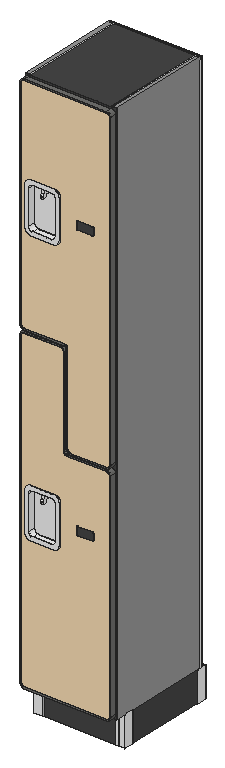
Revit family "Wood_Lockers-Salsbury_Industries-37000_Series-1_Wide_Units", category Specialty Equipment, Revit 2026 (continued)
Definition of nested family "Wood Locker S-Style Top Doors"
  Dimensions and locks (in)
    aligned and locked: curve 16 to cut or joined group of Sweep 4, Extrusion 11
    aligned and locked: curve 17 to cut or joined group of Sweep 4, Extrusion 11
    aligned and locked: curve 19 to Extrusion 12
    aligned and locked: plane 20 "Top of Hasp" to curve 21
    aligned and locked: curve 22 to cut or joined group of Extrusion 8, Extrusion 9, Extrusion 11
    aligned and locked: curve 23 to cut or joined group of Extrusion 8, Extrusion 9, Extrusion 11
    aligned and locked: curve 24 to Extrusion 13  (x2)
    aligned and locked: curve 26 to Extrusion 13
    aligned and locked: curve 17 to curve 27
    aligned and locked: curve 27 to Extrusion 14
    aligned and locked: curve 28 to Extrusion 14
    aligned and locked: curve 29 to Extrusion 14
    aligned and locked: cut or joined group of Sweep 4, Extrusion 11 to curve 30
    aligned and locked: curve 30 to cut or joined group of Sweep 4, Extrusion 11
    aligned and locked: curve 31 to cut or joined group of Sweep 4, Extrusion 11
    aligned and locked: cut or joined group of Sweep 4, Extrusion 11 to curve 32
    aligned and locked: curve 32 to cut or joined group of Sweep 4, Extrusion 11
    aligned and locked: curve 33 to cut or joined group of Sweep 4, Extrusion 11
    aligned and locked: curve 34 to cut or joined group of Sweep 4, Extrusion 11
    aligned and locked: cut or joined group of Sweep 4, Extrusion 11 to curve 35
    aligned and locked: curve 35 to cut or joined group of Sweep 4, Extrusion 11
    aligned and locked: curve 37 to cut or joined group of Sweep 4, Extrusion 11
    aligned and locked: curve 38 to cut or joined group of Sweep 4, Extrusion 11
    aligned and locked: curve 41 to cut or joined group of Sweep 4, Extrusion 11
    aligned and locked: cut or joined group of Extrusion 1, Extrusion 5, Extrusion 7, Extrusion 11 to curve 42
    aligned and locked: curve 42 to cut or joined group of Extrusion 1, Extrusion 5, Extrusion 7, Extrusion 11
    aligned and locked: curve 43 to cut or joined group of Extrusion 1, Extrusion 5, Extrusion 7, Extrusion 11
    aligned and locked: curve 45 to cut or joined group of Extrusion 1, Extrusion 5, Extrusion 7, Extrusion 11
    aligned and locked: curve 46 to cut or joined group of Extrusion 1, Extrusion 5, Extrusion 7, Extrusion 11
    aligned and locked: curve 48 to cut or joined group of Extrusion 1, Extrusion 5, Extrusion 7, Extrusion 11
    aligned and locked: curve 49 to cut or joined group of Extrusion 1, Extrusion 5, Extrusion 7, Extrusion 11
    aligned and locked: cut or joined group of Extrusion 8, Extrusion 9, Extrusion 11 to curve 50
    aligned and locked: cut or joined group of Extrusion 8, Extrusion 9, Extrusion 11 to curve 51
    aligned and locked: curve 51 to cut or joined group of Extrusion 8, Extrusion 9, Extrusion 11
    aligned and locked: cut or joined group of Extrusion 8, Extrusion 9, Extrusion 11 to curve 52
    aligned and locked: curve 52 to cut or joined group of Extrusion 8, Extrusion 9, Extrusion 11
    aligned and locked: cut or joined group of Extrusion 8, Extrusion 9, Extrusion 11 to curve 53
    aligned and locked: curve 54 to cut or joined group of Extrusion 8, Extrusion 9, Extrusion 11
    aligned and locked: curve 57 to cut or joined group of Extrusion 8, Extrusion 9, Extrusion 11
    aligned and locked: curve 59 to cut or joined group of Extrusion 8, Extrusion 9, Extrusion 11
    aligned and locked: cut or joined group of Extrusion 8, Extrusion 9, Extrusion 11 to curve 59
    aligned and locked: curve 60 to cut or joined group of Extrusion 8, Extrusion 9, Extrusion 11
    aligned and locked: curve 61 to cut or joined group of Extrusion 8, Extrusion 9, Extrusion 11
    aligned and locked: curve 62 to cut or joined group of Extrusion 8, Extrusion 9, Extrusion 11
    aligned and locked: curve 63 to cut or joined group of Extrusion 8, Extrusion 9, Extrusion 11
    aligned and locked: curve 64 to cut or joined group of Extrusion 8, Extrusion 9, Extrusion 11
    aligned and locked: curve 65 to curve 66
    aligned and locked: curve 66 to cut or joined group of Extrusion 10, Extrusion 11
    aligned and locked: curve 67 to cut or joined group of Extrusion 10, Extrusion 11
    aligned and locked: curve 68 to cut or joined group of Extrusion 10, Extrusion 11
  Automatic sketch dimensions
    Extrusion 5 sketch curve to plane 13 "Left Side of Number Tag" = 0.000"
    Extrusion 5 sketch curve to plane 12 "Bottom of Number Tag" = 0.000"
    Extrusion 5 sketch curve to plane 11 "Top of Number Tag" = 0.000"
    Extrusion 5 sketch curve to plane 14 "Right Side of Number Tag" = 0.000"
    Extrusion 5 sketch curve to Extrusion 5 sketch curve = 0.14916"  (x3)
    plane 11 "Top of Number Tag" to Extrusion 5 sketch curve = 0.14916"
    plane 13 "Left Side of Number Tag" to Extrusion 6 sketch curve = 0.000"
    plane 11 "Top of Number Tag" to Extrusion 6 sketch curve = 0.000"
    plane 13 "Left Side of Number Tag" to Extrusion 6 sketch curve = 0.14916"  (x2)
    Extrusion 6 sketch curve to plane 14 "Right Side of Number Tag" = 0.14916"
    Extrusion 6 sketch curve to plane 14 "Right Side of Number Tag" = 0.000"
    Extrusion 6 sketch curve to plane 12 "Bottom of Number Tag" = 0.14916"
    Extrusion 6 sketch curve to plane 12 "Bottom of Number Tag" = 0.000"
    plane 31 "Hasp Inset-Left" to Extrusion 7 sketch curve = 0.063"
    plane 34 "Hasp Inset-Bottom" to Extrusion 7 sketch curve = 0.063"
    Extrusion 7 sketch curve to plane 33 "Hasp Inset-Top" = 0.063"
    Extrusion 7 sketch curve to plane 32 "Hasp Inset-Right" = 0.0625"
    Extrusion 7 sketch curve to plane 31 "Hasp Inset-Left" = 0.437"
    plane 37 "Hasp Letters - Left Side" to Extrusion 7 sketch curve = 0.407"
    Extrusion 7 sketch curve to plane 38 "Hasp Letters - Right Side" = 0.4065"
    Extrusion 7 sketch curve to Extrusion 7 sketch curve = 0.500"
    Extrusion 8 sketch curve to plane 18 "Right Side of Hasp" = 0.000"
    Extrusion 8 sketch curve to plane 20 "Top of Hasp" = 0.000"
    Extrusion 8 sketch curve to plane 21 "Bottom of Hasp" = 0.000"
    Extrusion 8 sketch curve to plane 17 "Left Side of Hasp" = 0.000"
    plane 32 "Hasp Inset-Right" to Extrusion 8 sketch curve = 0.250"
    Extrusion 8 sketch curve to plane 44 "Hasp Handle - Center of Lock Hole" = 0.125"
    Extrusion 8 sketch curve to plane 31 "Hasp Inset-Left" = 0.250"  (x2)
    plane 31 "Hasp Inset-Left" to Extrusion 9 sketch curve = 0.000"
    Extrusion 9 sketch curve to plane 33 "Hasp Inset-Top" = 0.000"
    Extrusion 9 sketch curve to plane 34 "Hasp Inset-Bottom" = 0.000"
    plane 32 "Hasp Inset-Right" to Extrusion 9 sketch curve = 0.000"
    plane 37 "Hasp Letters - Left Side" to Extrusion 9 sketch curve = 0.344"  (x2)
    Extrusion 9 sketch curve to plane 38 "Hasp Letters - Right Side" = 0.344"
    plane 44 "Hasp Handle - Center of Lock Hole" to Extrusion 9 sketch curve = 0.125"
    Extrusion 10 sketch curve to plane 28 "Melamine-Particleboard Line" = 0.000"
    plane 33 "Hasp Inset-Top" to Extrusion 10 sketch curve = 0.000"
    Extrusion 10 sketch curve to plane 27 "Laminate-Particleboard Line" = 0.000"
    plane 43 "Hasp Handle - Lock Area Bottom" to Extrusion 10 sketch curve = 0.000"
    Extrusion 10 sketch curve to plane 22 "Front of Hasp" = 0.000"
    Extrusion 10 sketch curve to plane 45 = 0.000"
    plane 41 "Hasp Handle - Bottom" to Extrusion 10 sketch curve = 0.000"
    Extrusion 10 sketch curve to plane 42 "Hasp Handle - Lip" = 0.07049"
    Extrusion 10 sketch curve to plane 42 "Hasp Handle - Lip" = 0.06247"
    plane 43 "Hasp Handle - Lock Area Bottom" to Extrusion 10 sketch curve = 0.02394"
    plane 1 "Center (Front/Back)" to Extrusion 10 sketch curve = 0.063"
    Extrusion 10 sketch curve to plane 41 "Hasp Handle - Bottom" = 0.09888"  (x2)
    Extrusion 10 sketch curve to plane 29 "Back of Number Plate Inset" = 0.03992"
    Extrusion 10 sketch curve to Extrusion 10 sketch curve = 0.100"
    plane 7 "Front of Door" to Extrusion 10 sketch curve = 0.04375"
    Extrusion 11 sketch curve to plane 1 "Center (Front/Back)" = 0.000"
    plane 44 "Hasp Handle - Center of Lock Hole" to Extrusion 11 sketch curve = 0.000"
    Extrusion 12 sketch curve to plane 51 = 0.000"
    Extrusion 12 sketch curve to plane 52 = 0.000"
    plane 53 "Top Hinge" to Extrusion 13 sketch curve = 0.250"
    plane 54 to Extrusion 13 sketch curve = 0.000"
    Extrusion 13 sketch curve to plane 53 "Top Hinge" = 0.250"
    plane 54 to Extrusion 13 sketch curve = 0.500"
    plane 55 "Bottom Hinge" to Extrusion 14 sketch curve = 0.250"
    plane 54 to Extrusion 14 sketch curve = 0.000"
    plane 54 to Extrusion 14 sketch curve = 0.500"
    Extrusion 14 sketch curve to plane 55 "Bottom Hinge" = 0.250"
    plane 10 "Center of Door" to Extrusion 15 sketch curve = 0.250"
    plane 54 to Extrusion 15 sketch curve = 0.000"
    plane 54 to Extrusion 15 sketch curve = 0.500"
    Extrusion 15 sketch curve to plane 10 "Center of Door" = 0.250"
    plane 23 "Left Side of Door-Right Side of Trim" to Extrusion 3 sketch curve = 0.000"
    Extrusion 3 sketch curve to plane 25 "Top of Door-Bottom of Trim" = 0.000"
    plane 51 to Extrusion 3 sketch curve = 0.000"  (x2)
    Extrusion 3 sketch curve to plane 59 = 0.000"
    plane 60 to Extrusion 3 sketch curve = 0.000"
    Extrusion 3 sketch curve to plane 26 "Bottom of Door-Top of Trim" = 0.000"
    Extrusion 3 sketch curve to plane 52 = 0.000"
    plane 24 "Right Side of Door-Left Side of Trim" to Extrusion 3 sketch curve = 0.000"
    Extrusion 3 sketch curve to plane 3 "Center (Left/Right)" = 0.1495"
    Extrusion 3 sketch curve to plane 60 = 0.400"
    Extrusion 3 sketch curve to plane 54 = 0.100"
    plane 23 "Left Side of Door-Right Side of Trim" to Extrusion 1 sketch curve = 0.000"
    plane 51 to Extrusion 1 sketch curve = 0.000"  (x2)
    Extrusion 1 sketch curve to plane 25 "Top of Door-Bottom of Trim" = 0.000"
    Extrusion 1 sketch curve to plane 59 = 0.000"
    plane 60 to Extrusion 1 sketch curve = 0.000"
    Extrusion 1 sketch curve to plane 26 "Bottom of Door-Top of Trim" = 0.000"
    Extrusion 1 sketch curve to plane 52 = 0.000"
    plane 24 "Right Side of Door-Left Side of Trim" to Extrusion 1 sketch curve = 0.000"
    Extrusion 1 sketch curve to plane 3 "Center (Left/Right)" = 0.1495"
    Extrusion 1 sketch curve to plane 60 = 0.400"
    Extrusion 1 sketch curve to plane 54 = 0.100"
    plane 23 "Left Side of Door-Right Side of Trim" to Extrusion 2 sketch curve = 0.000"
    plane 51 to Extrusion 2 sketch curve = 0.000"  (x2)
    Extrusion 2 sketch curve to plane 25 "Top of Door-Bottom of Trim" = 0.000"
    Extrusion 2 sketch curve to plane 59 = 0.000"
    plane 60 to Extrusion 2 sketch curve = 0.000"
    Extrusion 2 sketch curve to plane 26 "Bottom of Door-Top of Trim" = 0.000"
    Extrusion 2 sketch curve to plane 52 = 0.000"
    Extrusion 2 sketch curve to plane 3 "Center (Left/Right)" = 0.1495"
    Extrusion 2 sketch curve to plane 60 = 0.400"
    Extrusion 2 sketch curve to plane 54 = 0.100"
    Sweep 4 sketch curve to profile plane = 0.000"
    Sweep 4 sketch curve to Sweep 4 sketch curve = 0.125"
    Sweep 4 sketch curve to plane 1 "Center (Front/Back)" = 0.375"
    plane 1 "Center (Front/Back)" to Sweep 4 sketch curve = 0.375"
    plane 23 "Left Side of Door-Right Side of Trim" to Sweep 4 sketch curve = 0.000"
    plane 51 to Sweep 4 sketch curve = 0.000"  (x2)
    Sweep 4 sketch curve to plane 59 = 0.000"
    plane 60 to Sweep 4 sketch curve = 0.000"
    Sweep 4 sketch curve to plane 26 "Bottom of Door-Top of Trim" = 0.000"
    Sweep 4 sketch curve to plane 25 "Top of Door-Bottom of Trim" = 0.000"
    Sweep 4 sketch curve to plane 52 = 0.000"
    plane 24 "Right Side of Door-Left Side of Trim" to Sweep 4 sketch curve = 0.000"
    Sweep 4 sketch curve to plane 3 "Center (Left/Right)" = 0.1495"
    Sweep 4 sketch curve to plane 60 = 0.400"
    Sweep 4 sketch curve to plane 54 = 0.100"
    curve 5 to plane 23 "Left Side of Door-Right Side of Trim" = 0.150"
    plane 17 "Left Side of Hasp" to curve 6 = 0.02588"
    plane 25 "Top of Door-Bottom of Trim" to curve 19 = 0.150"
    curve 19 to plane 52 = 0.24933"
    plane 51 to curve 40 = 0.000"
    plane 51 to curve 30 = 0.000"
    curve 31 to plane 52 = 0.000"
    curve 50 to plane 44 "Hasp Handle - Center of Lock Hole" = 0.125"
    curve 54 to plane 31 "Hasp Inset-Left" = 0.250"
    plane 44 "Hasp Handle - Center of Lock Hole" to curve 58 = 0.125"
    plane 37 "Hasp Letters - Left Side" to curve 63 = 0.344"
    curve 60 to plane 38 "Hasp Letters - Right Side" = 0.344"
    plane 44 "Hasp Handle - Center of Lock Hole" to curve 59 = 0.125"
    plane 32 "Hasp Inset-Right" to curve 52 = 0.250"
    curve 51 to plane 44 "Hasp Handle - Center of Lock Hole" = 0.125"
    curve 33 to plane 3 "Center (Left/Right)" = 0.1495"
    curve 36 to plane 60 = 0.400"
    curve 47 to curve 43 = 0.14916"
    plane 13 "Left Side of Number Tag" to curve 46 = 0.14916"
    curve 46 to plane 14 "Right Side of Number Tag" = 0.14916"
    curve 44 to curve 44 = 0.14916"
    curve 36 to plane 54 = 0.100"
    radius of Extrusion 11 sketch curve = 0.175"
    radius of Extrusion 12 sketch curve = 0.250"
Definition of nested family "Wood Locker Sloping Hoods"
  Parameters (values of type "33357 - for 15" Deep Lockers (1 Wide)")
    Width = 12.000"
    Visible = yes
    Version = "1.0 (2/29/16)"
    Type Comments = "Sloping Hood for Designer Wood Lockers"
    Model = "33357"
    Manufacturer = "Salsbury Industries"
    Laminate Surface = none
    Height = 5.743"
    Description = "For 15\" D - 1 Wide Lockers"
    Depth = 14.625"
    Default Elevation = 0.000"
  Types (14): name | Width | Visible | Version | Type Comments | Model | Manufacturer | Height | Description | Depth
    (no name) | 12.000" | yes | "1.0 (2/29/16)" | "Sloping Hood for Designer Wood Lockers" | "33357" | "Salsbury Industries" | 5.743" | "For 15\" D - 1 Wide Lockers" | 14.625"
    33357 - for 15" Deep Lockers (1 Wide) | 12.000" | yes | "1.0 (2/29/16)" | "Sloping Hood for Designer Wood Lockers" | "33357" | "Salsbury Industries" | 5.743" | "For 15\" D - 1 Wide Lockers" | 14.625"
    33353 - for 18" Deep Lockers (1 Wide) | 12.000" | yes | "1.0 (2/29/16)" | "Sloping Hood for Designer Wood Lockers" | "33353" | "Salsbury Industries" | 6.868" | "For 18\" D - 1 Wide Lockers" | 17.625"
    33352 - for 21" Deep Lockers (1 Wide) | 12.000" | yes | "1.0 (2/29/16)" | "Sloping Hood for Designer Wood Lockers" | "33352" | "Salsbury Industries" | 7.993" | "For 21\" D - 1 Wide Lockers" | 20.625"
    33359 - for 15" Deep Lockers (3 Wide) | 36.000" | yes | "1.0 (2/29/16)" | "Sloping Hood for Designer Wood Lockers" | "33359" | "Salsbury Industries" | 5.743" | "For 15\" D - 3 Wide Lockers" | 14.625"
    33356 - for 18" Deep Lockers (3 Wide) | 36.000" | yes | "1.0 (2/29/16)" | "Sloping Hood for Designer Wood Lockers" | "33356" | "Salsbury Industries" | 6.868" | "For 18\" D - 3 Wide Lockers" | 17.625"
    33354 - for 21" Deep Lockers (3 Wide) | 36.000" | yes | "1.0 (2/29/16)" | "Sloping Hood for Designer Wood Lockers" | "33354" | "Salsbury Industries" | 7.993" | "For 21\" D - 3 Wide Lockers" | 20.625"
    22255 - for 24" Deep Lockers (1 Wide) | 15.000" | yes | "" | "" | "" | "" | 9.118" | "" | 23.625"
    222257 - for 24" Deep Lockers (3 Wide) | 45.000" | yes | "" | "" | "" | "" | 9.118" | "" | 23.625"
    22252 - for 21" Deep Lockers (1 Wide) | 15.000" | yes | "1.0 (2/29/16)" | "Sloping Hood for Extra Wide Designer Wood Lockers" | "22252" | "Salsbury Industries" | 7.993" | "For 21\" D - 1 Wide Lockers" | 20.625"
    22254 - for 21" Deep Lockers (3 Wide) | 45.000" | yes | "1.0 (2/29/16)" | "Sloping Hood for Extra Wide Designer Wood Lockers" | "22254" | "Salsbury Industries" | 7.993" | "For 21\" D - 3 Wide Lockers" | 20.625"
    22251 - for 18" Deep Lockers (1 Wide) | 15.000" | yes | "1.0 (2/29/16)" | "Sloping Hood for Extra Wide Designer Wood Lockers" | "22251" | "Salsbury Industries" | 6.868" | "For 18\" D - 1 Wide Lockers" | 17.625"
    22253 - for 18" Deep Lockers (3 Wide) | 45.000" | yes | "1.0 (2/29/16)" | "Sloping Hood for Extra Wide Designer Wood Lockers" | "22253" | "Salsbury Industries" | 6.868" | "For 18\" D - 3 Wide Lockers" | 17.625"
    None | 12.000" | no | "" | "" | "" | "" | 5.743" | "" | 14.625"
  Reference planes (in)
    plane 1 "Center (Front/Back)": y = 0
    plane 2: z = 0
    plane 3 "Center (Left/Right)": x = 0
    plane 4 "Front of Hood": y = -7.3125
    plane 5 "Back of Hood": y = 7.3125
    plane 6 "Right Side of Hood": x = 6
    plane 7 "Left Side of Hood": x = -6
    plane 8 "Bottom of Hood": z = 0
    plane 9 "Top of Hood": z = 5.743
    plane 10: x = 5.25
    plane 11: x = -5.25
    plane 12: y = -7.2815
    plane 13: y = -6.5625
    plane 14: z = 5.712
    plane 15: z = 4.993
    plane 16: z = 0.062
    plane 17: z = 0.75
  Forms (in)
    Extrusion 1, solid, visible <- "Visible"
      sketch origin (6, 0.3722738, 0) x (0, -1, 0) y (0, 0, 1)
        loop
          line (-0.25, 2.3802743) -> (-0.25, 0) -> (0.3722738, 0) -> (0.3722738, 2.1372585) -> (-0.25, 2.3802743)
      from 0 to 12
    Extrusion 2, solid, visible <- "Visible"
      sketch origin (0, 0, 0) x (0, 1, 0) y (0, 0, 1)
        loop
          line (-5.47273, 0) -> (7.3125, 4.993) -> (7.3125, 5.712) -> (-7.2326912, 0.062) -> (-7.2815, 0.062) -> (-7.2815, 0) -> (-5.47273, 0)
      from -6 to 6
    Extrusion 3, solid, visible <- "Visible"
      sketch origin (0, 0, 0) x (0, 1, 0) y (0, 0, 1)
        loop
          line (-7.3125, 0.062) -> (-7.3125, 0) -> (-7.2815, 0) -> (-7.2815, 0.062) -> (-7.3125, 0.062)
      from -6 to 6
    Extrusion 4, solid, material <- "Laminate Surface", visible <- "Visible"
      sketch origin (0, 0, 0) x (0, 1, 0) y (0, 0, 1)
        loop
          line (7.3125, 5.743) -> (-7.3125, 0.062) -> (-7.2326912, 0.062) -> (7.3125, 5.712) -> (7.3125, 5.743)
      from -6 to 6
  Dimensions and locks (in)
    equal spacing: plane 7 "Left Side of Hood", plane 3 "Center (Left/Right)", plane 6 "Right Side of Hood"
    "Width": plane 7 "Left Side of Hood" to plane 6 "Right Side of Hood"
    equal spacing: plane 4 "Front of Hood", plane 1 "Center (Front/Back)", plane 5 "Back of Hood"
    "Depth": plane 4 "Front of Hood" to plane 5 "Back of Hood"
    "Height": plane 9 "Top of Hood" to plane 8 "Bottom of Hood"
    plane 7 "Left Side of Hood" to plane 11 = 0.750"
    plane 10 to plane 6 "Right Side of Hood" = 0.750"
    plane 4 "Front of Hood" to plane 12 to plane 13 = 0.031" locked, 0.719" locked
    plane 15 to plane 14 to plane 9 "Top of Hood" = 0.719" locked, 0.031" locked
    locked: plane 16 to plane 8 "Bottom of Hood" at 0.062
    locked: plane 17 to plane 8 "Bottom of Hood" at 0.75
    aligned and locked: level to plane 2
    aligned and locked: Extrusion 2 to plane 6 "Right Side of Hood"
    aligned and locked: plane 7 "Left Side of Hood" to Extrusion 2
    aligned and locked: plane 7 "Left Side of Hood" to Extrusion 4
    aligned and locked: Extrusion 4 to plane 6 "Right Side of Hood"
    aligned and locked: Extrusion 3 to plane 6 "Right Side of Hood"
    aligned and locked: plane 7 "Left Side of Hood" to Extrusion 3
    aligned and locked: Extrusion 2 to Extrusion 1 sketch curve
    aligned and locked: plane 7 "Left Side of Hood" to Extrusion 1
    aligned and locked: Extrusion 1 to plane 6 "Right Side of Hood"
  Automatic sketch dimensions
    Extrusion 3 sketch curve to level = 0.000"
    Extrusion 3 sketch curve to plane 4 "Front of Hood" = 0.000"
    Extrusion 3 sketch curve to plane 12 = 0.000"
    plane 16 to Extrusion 3 sketch curve = 0.000"
    Extrusion 4 sketch curve to plane 4 "Front of Hood" = 0.000"
    plane 16 to Extrusion 4 sketch curve = 0.000"
    Extrusion 4 sketch curve to plane 5 "Back of Hood" = 0.000"
    plane 14 to Extrusion 4 sketch curve = 0.000"
    plane 9 "Top of Hood" to Extrusion 4 sketch curve = 0.000"
    Extrusion 4 sketch curve to plane 12 = 0.04881"
    Extrusion 2 sketch curve to level = 0.000"
    Extrusion 2 sketch curve to plane 12 = 0.000"
    plane 16 to Extrusion 2 sketch curve = 0.000"
    Extrusion 2 sketch curve to plane 5 "Back of Hood" = 0.000"
    plane 15 to Extrusion 2 sketch curve = 0.000"
    plane 14 to Extrusion 2 sketch curve = 0.000"
    Extrusion 2 sketch curve to plane 13 = 1.08977"
    Extrusion 2 sketch curve to plane 12 = 0.04881"
    Extrusion 1 sketch curve to level = 0.000"
    Extrusion 1 sketch curve to plane 1 "Center (Front/Back)" = 0.000"
    Extrusion 1 sketch curve to Extrusion 1 sketch curve = 0.24302"
Definition of nested family "Wood Locker Sloping Corner Fillers"
  Parameters (values of type "33377 - for 15" D Lockers")
    Width = 16.875"
    Visible = yes
    Version = "1.0 (2/29/16)"
    Type Comments = "Sloping Hood Corner Filler for Designer Wood Lockers"
    Model = "33377"
    Manufacturer = "Salsbury Industries"
    Laminate Surface = none
    Height = 5.743"
    Description = "For 15\" D Lockers"
    Depth = 16.875"
    Default Elevation = 0.000"
  Types (8): name | Width | Visible | Version | Type Comments | Model | Manufacturer | Height | Description | Depth
    (no name) | 16.875" | yes | "1.0 (2/29/16)" | "Sloping Hood Corner Filler for Designer Wood Lockers" | "33377" | "Salsbury Industries" | 5.743" | "For 15\" D Lockers" | 16.875"
    33377 - for 15" D Lockers | 16.875" | yes | "1.0 (2/29/16)" | "Sloping Hood Corner Filler for Designer Wood Lockers" | "33377" | "Salsbury Industries" | 5.743" | "For 15\" D Lockers" | 16.875"
    33378 - for 18" D Lockers | 19.875" | yes | "1.0 (2/29/16)" | "Sloping Hood Corner Filler for Designer Wood Lockers" | "33378" | "Salsbury Industries" | 6.868" | "For 18\" D Lockers" | 19.875"
    33371 - for 21" D Lockers | 22.875" | yes | "1.0 (2/29/16)" | "Sloping Hood Corner Filler for Designer Wood Lockers" | "33371" | "Salsbury Industries" | 7.993" | "For 21\" D Lockers" | 22.875"
    22279 - for 24" D Lockers | 25.875" | yes | "1.0 (2/29/16)" | "Sloping Hood Corner Filler for Extra Wide Designer Wood Lockers" | "22279" | "Salsbury Industries" | 9.118" | "For 24\" D Lockers" | 25.875"
    None | 16.875" | no | "" | "" | "" | "" | 5.743" | "" | 16.875"
    22278 - for 18" D Lockers | 19.875" | yes | "1.0 (2/29/16)" | "Sloping Hood Corner Filler for Extra Wide Designer Wood Lockers" | "22278" | "Salsbury Industries" | 6.868" | "For 18\" D Lockers" | 19.875"
    22271 - for 21" D Lockers | 22.875" | yes | "1.0 (2/29/16)" | "Sloping Hood Corner Filler for Extra Wide Designer Wood Lockers" | "22271" | "Salsbury Industries" | 7.993" | "For 21\" D Lockers" | 22.875"
  Reference planes (in)
    plane 1 "Center (Front/Back)": y = -0.8125
    plane 2: z = 0
    plane 3 "Center (Left/Right)": x = 0.8125
    plane 4 "Front of Hood": y = -7
    plane 5 "Right Side of Hood": x = 7
    plane 6 "Bottom of Hood": z = 0
    plane 7 "Black Trim Line": y = -6.969
    plane 8: z = 0.062
    plane 9: z = 0.75
    plane 10 "New Back of Hood": y = 7.625
    plane 11 "New Front of Hood": y = -9.25
    plane 12 "New Left Side": x = -7.625
    plane 13 "New Right Side": x = 9.25
    plane 14 "Top": z = 5.743
    plane 15: x = 6.969
  Forms (in)
    Extrusion 1, solid, visible <- "Visible"
      sketch origin (0.8125, 0, 0) x (0, 1, 0) y (0, 0, 1)
        loop
          line (-5.16023, 0) -> (7.625, 4.9943682) -> (7.625, 5.712) -> (-6.9201912, 0.062) -> (-6.969, 0.062) -> (-6.969, 0) -> (-5.16023, 0)
      from -8.4375 to 8.4375
    Extrusion 2, solid, material <- "Laminate Surface", visible <- "Visible"
      sketch origin (0.8125, 0, 0.0002321) x (0, 1, 0) y (0, 0, 1)
        loop
          line (7.625, 5.7427679) -> (-7, 0.0617679) -> (-6.9201912, 0.0617679) -> (7.625, 5.7117679) -> (7.625, 5.7427679)
      from -8.4375 to 8.4375
    Extrusion 3, void
      sketch origin (0, 0, 0) x (0, -1, 0) y (1, 0, 0)
        loop
          line (7, 7) -> (-7.625, -7.625) -> (7, -7.625) -> (7, 7)
      from 0 to 5.743
    Extrusion 4, solid, visible <- "Visible"
      sketch origin (9.25, 0, 0) x (0, -1, 0) y (0, 0, 1)
        loop
          line (7, 0) -> (7, 0.062) -> (6.969, 0.062) -> (6.969, 0) -> (7, 0)
      from 0 to 2.25
    Extrusion 5, solid, visible <- "Visible"
      sketch origin (-1.125, -0.8125, 0) x (1, 0, 0) y (0, 0, 1)
        loop
          line (6.28523, 0) -> (8.094, 0) -> (8.094, 0.062) -> (8.0451912, 0.062) -> (-6.5, 5.712) -> (-6.5, 4.9943682) -> (6.28523, 0)
      from -8.4375 to 8.4375
    Extrusion 6, solid, material <- "Laminate Surface", visible <- "Visible"
      sketch origin (-1.125, -0.8125, 0) x (1, 0, 0) y (0, 0, 1)
        loop
          line (-6.5, 5.743) -> (-6.5, 5.712) -> (8.0451912, 0.062) -> (8.125, 0.062) -> (-6.5, 5.743)
      from -8.4375 to 8.4375
    Extrusion 7, solid, visible <- "Visible"
      sketch origin (0, -7, 0) x (1, 0, 0) y (0, 0, 1)
        loop
          line (7, 0) -> (7, 0.062) -> (6.969, 0.062) -> (6.969, 0) -> (7, 0)
      from 0 to 2.25
    Extrusion 8, void
      sketch origin (9.25, 0, 0) x (0, -1, 0) y (0, 0, 1)
        loop
          line (-7.625, 0) -> (5.16023, 0) -> (-7.625, 4.9943682) -> (-7.625, 0)
      from 0 to 16.875
  Cuts and joins
    Extrusion 3, Extrusion 8 cuts Extrusion 1
    Extrusion 3 cuts Extrusion 2
    Extrusion 8 cuts Extrusion 5
    Extrusion 8 cuts Extrusion 6
  Dimensions and locks (in)
    locked: plane 4 "Front of Hood" to plane 7 "Black Trim Line" at 0.031
    locked: plane 8 to plane 6 "Bottom of Hood" at 0.062
    locked: plane 9 to plane 6 "Bottom of Hood" at 0.75
    "Height": plane 14 "Top" to plane 6 "Bottom of Hood"
    "Width": plane 12 "New Left Side" to plane 13 "New Right Side"
    "Depth": plane 11 "New Front of Hood" to plane 10 "New Back of Hood"
    equal spacing: plane 12 "New Left Side", plane 3 "Center (Left/Right)", plane 13 "New Right Side"
    equal spacing: plane 11 "New Front of Hood", plane 1 "Center (Front/Back)", plane 10 "New Back of Hood"
    locked: plane 5 "Right Side of Hood" to plane 13 "New Right Side" at 2.25
    locked: plane 11 "New Front of Hood" to plane 4 "Front of Hood" at 2.25
    locked: plane 15 to plane 5 "Right Side of Hood" at 0.031
    aligned and locked: level to plane 2
    aligned and locked: plane 12 "New Left Side" to Extrusion 3
    aligned and locked: Extrusion 2 to plane 13 "New Right Side"
    aligned and locked: plane 12 "New Left Side" to cut or joined group of Extrusion 2, Extrusion 3
    aligned and locked: cut or joined group of Extrusion 2, Extrusion 3 to plane 10 "New Back of Hood"
    aligned and locked: plane 12 "New Left Side" to cut or joined group of Extrusion 1, Extrusion 3, Extrusion 8
    aligned and locked: cut or joined group of Extrusion 1, Extrusion 3, Extrusion 8 to plane 13 "New Right Side"
    aligned and locked: cut or joined group of Extrusion 1, Extrusion 3, Extrusion 8 to plane 10 "New Back of Hood"  (x2)
    aligned and locked: plane 4 "Front of Hood" to cut or joined group of Extrusion 2, Extrusion 3
    aligned and locked: Extrusion 3 to cut or joined group of Extrusion 2, Extrusion 3
    aligned and locked: plane 13 "New Right Side" to cut or joined group of Extrusion 1, Extrusion 3, Extrusion 8
    aligned and locked: plane 5 "Right Side of Hood" to Extrusion 4
    aligned and locked: Extrusion 8 to Extrusion 1  (x2)
    aligned and locked: Extrusion 1 to Extrusion 8
    aligned and locked: cut or joined group of Extrusion 1, Extrusion 3, Extrusion 8 to Extrusion 6
    aligned and locked: plane 11 "New Front of Hood" to Extrusion 6
    aligned and locked: plane 12 "New Left Side" to Extrusion 6
    aligned and locked: plane 11 "New Front of Hood" to Extrusion 5
    aligned and locked: plane 12 "New Left Side" to Extrusion 5
    aligned and locked: cut or joined group of Extrusion 1, Extrusion 3, Extrusion 8 to Extrusion 5
  Automatic sketch dimensions
    Extrusion 1 sketch curve to level = 0.000"
    Extrusion 1 sketch curve to plane 7 "Black Trim Line" = 0.000"
    plane 8 to Extrusion 1 sketch curve = 0.000"
    Extrusion 1 sketch curve to plane 10 "New Back of Hood" = 0.000"
    Extrusion 1 sketch curve to Extrusion 1 sketch curve = 0.04881"
    Extrusion 1 sketch curve to Extrusion 1 sketch curve = 1.75996"
    plane 14 "Top" to Extrusion 1 sketch curve = 0.74863"
    plane 14 "Top" to Extrusion 1 sketch curve = 0.031"
    Extrusion 2 sketch curve to plane 4 "Front of Hood" = 0.000"
    plane 8 to Extrusion 2 sketch curve = 0.000"
    Extrusion 2 sketch curve to plane 10 "New Back of Hood" = 0.000"
    plane 14 "Top" to Extrusion 2 sketch curve = 0.000"
    Extrusion 2 sketch curve to plane 7 "Black Trim Line" = 0.04881"
    plane 14 "Top" to Extrusion 2 sketch curve = 0.031"
    plane 10 "New Back of Hood" to Extrusion 3 sketch curve = 0.000"
    plane 4 "Front of Hood" to Extrusion 3 sketch curve = 0.000"
    Extrusion 3 sketch curve to plane 12 "New Left Side" = 0.000"
    Extrusion 3 sketch curve to plane 5 "Right Side of Hood" = 0.000"
    Extrusion 4 sketch curve to level = 0.000"
    Extrusion 4 sketch curve to plane 7 "Black Trim Line" = 0.000"
    Extrusion 4 sketch curve to plane 4 "Front of Hood" = 0.000"
    plane 8 to Extrusion 4 sketch curve = 0.000"
    Extrusion 5 sketch curve to level = 0.000"
    Extrusion 5 sketch curve to plane 8 = 0.000"
    plane 14 "Top" to Extrusion 5 sketch curve = 0.031"
    Extrusion 5 sketch curve to plane 12 "New Left Side" = 0.000"
    plane 5 "Right Side of Hood" to Extrusion 5 sketch curve = 1.83977"
    plane 5 "Right Side of Hood" to Extrusion 5 sketch curve = 0.07981"
    Extrusion 5 sketch curve to Extrusion 5 sketch curve = 0.04881"
    Extrusion 5 sketch curve to Extrusion 5 sketch curve = 0.71763"
    plane 14 "Top" to Extrusion 6 sketch curve = 0.000"
    Extrusion 6 sketch curve to plane 8 = 0.000"
    Extrusion 6 sketch curve to plane 12 "New Left Side" = 0.000"
    plane 5 "Right Side of Hood" to Extrusion 6 sketch curve = 0.07981"
    Extrusion 6 sketch curve to Extrusion 6 sketch curve = 0.07981"
    plane 14 "Top" to Extrusion 6 sketch curve = 0.031"
    Extrusion 7 sketch curve to level = 0.000"
    plane 15 to Extrusion 7 sketch curve = 0.000"
    plane 5 "Right Side of Hood" to Extrusion 7 sketch curve = 0.000"
    Extrusion 7 sketch curve to plane 8 = 0.000"
    Extrusion 8 sketch curve to plane 10 "New Back of Hood" = 0.000"
    Extrusion 8 sketch curve to level = 0.000"
    Extrusion 8 sketch curve to plane 7 "Black Trim Line" = 1.80877"
    plane 14 "Top" to Extrusion 8 sketch curve = 0.74863"
Definition of nested family "Wood Locker Flat Corner Fillers"
  Parameters (values of type "33337 - for 15" D Lockers")
    Width = 16.875"
    Visible = yes
    Version = "1.0 (2/29/16)"
    Type Comments = "Flat Top Corner Filler for Designer Wood Lockers"
    Model = "33337"
    Manufacturer = "Salsbury Industries"
    Laminate Surface = none
    Height = 0.750"
    Description = "For 15\" D Lockers"
    Depth = 16.875"
    Default Elevation = 0.000"
  Types (8): name | Width | Visible | Version | Type Comments | Model | Manufacturer | Description | Depth
    (no name) | 16.875" | yes | "1.0 (2/29/16)" | "Flat Top Corner Filler for Designer Wood Lockers" | "33337" | "Salsbury Industries" | "For 15\" D Lockers" | 16.875"
    33337 - for 15" D Lockers | 16.875" | yes | "1.0 (2/29/16)" | "Flat Top Corner Filler for Designer Wood Lockers" | "33337" | "Salsbury Industries" | "For 15\" D Lockers" | 16.875"
    None | 15.000" | no | "" | "" | "" | "" | "" | 13.250"
    33338 - for 18" D Lockers | 19.875" | yes | "1.0 (2/29/16)" | "Flat Top Corner Filler for Designer Wood Lockers" | "33338" | "Salsbury Industries" | "For 18\" D Lockers" | 19.875"
    33331 - for 21" D Lockers | 22.875" | yes | "1.0 (2/29/16)" | "Flat Top Corner Filler for Designer Wood Lockers" | "33331" | "Salsbury Industries" | "For 21\" D Lockers" | 22.875"
    22239 - for 24" D Lockers | 25.875" | yes | "1.0 (2/29/16)" | "Flat Top Corner Filler for Extra Wide Designer Wood Lockers" | "22239" | "Salsbury Industries" | "For 24\" D Lockers" | 25.875"
    22232 - for 18" D Lockers | 19.875" | yes | "1.0 (2/29/16)" | "Flat Top Corner Filler for Extra Wide Designer Wood Lockers" | "22232" | "Salsbury Industries" | "For 18\" D Lockers" | 19.875"
    22231 - for 21" D Lockers | 22.875" | yes | "1.0 (2/29/16)" | "Flat Top Corner Filler for Extra Wide Designer Wood Lockers" | "22231" | "Salsbury Industries" | "For 21\" D Lockers" | 22.875"
  Reference planes (in)
    plane 1 "Center (Front/Back)": y = 0
    plane 2: z = 0
    plane 3 "Center (Left/Right)": x = 0
    plane 4 "Right Side": x = 8.4375
    plane 5 "Left Side": x = -8.4375
    plane 6 "Front Side": y = -8.4375
    plane 7 "Back Side": y = 8.4375
    plane 8 "Bottom": z = 0
    plane 9 "Top Side": z = 0.75
    plane 10 "Wood - Laminate Line": z = 0.719
    plane 11: x = -5.4375
    plane 12: y = -5.4375
  Forms (in)
    Extrusion 1, solid, visible <- "Visible"
      sketch origin (0, 0, 0) x (0, -1, 0) y (1, 0, 0)
        loop
          line (-8.4375, -8.4375) -> (5.4375, -8.4375) -> (5.4375, -5.4375) -> (8.4375, -5.4375) -> (8.4375, 8.4375) -> (-8.4375, 8.4375) -> (-8.4375, -8.4375)
      from 0 to 0.719
    Extrusion 2, solid, material <- "Laminate Surface", visible <- "Visible"
      sketch origin (0, 0, 0.75) x (1, 0, 0) y (0, 1, 0)
        loop
          line (-8.4375, -5.4375) -> (-5.4375, -5.4375) -> (-5.4375, -8.4375) -> (8.4375, -8.4375) -> (8.4375, 8.4375) -> (-8.4375, 8.4375) -> (-8.4375, -5.4375)
      from -0.031 to 0
  Dimensions and locks (in)
    equal spacing: plane 6 "Front Side", plane 1 "Center (Front/Back)", plane 7 "Back Side"
    equal spacing: plane 5 "Left Side", plane 3 "Center (Left/Right)", plane 4 "Right Side"
    "Width": plane 5 "Left Side" to plane 4 "Right Side"
    "Depth": plane 6 "Front Side" to plane 7 "Back Side"
    "Height": plane 9 "Top Side" to plane 8 "Bottom"
    locked: plane 9 "Top Side" to plane 10 "Wood - Laminate Line" at 0.031
    locked: plane 6 "Front Side" to plane 12 at 3
    locked: plane 5 "Left Side" to plane 11 at 3
    plane 12 to plane 7 "Back Side" = 13.875"
    aligned and locked: level to plane 2
  Automatic sketch dimensions
    Extrusion 2 sketch curve to plane 5 "Left Side" = 0.000"
    plane 6 "Front Side" to Extrusion 2 sketch curve = 0.000"
    Extrusion 2 sketch curve to plane 11 = 0.000"
    Extrusion 2 sketch curve to plane 4 "Right Side" = 0.000"
    Extrusion 2 sketch curve to plane 12 = 0.000"
    plane 7 "Back Side" to Extrusion 2 sketch curve = 0.000"
    Extrusion 1 sketch curve to plane 5 "Left Side" = 0.000"
    plane 7 "Back Side" to Extrusion 1 sketch curve = 0.000"
    Extrusion 1 sketch curve to plane 12 = 0.000"
    Extrusion 1 sketch curve to plane 4 "Right Side" = 0.000"
    plane 6 "Front Side" to Extrusion 1 sketch curve = 0.000"
    Extrusion 1 sketch curve to plane 11 = 0.000"
Definition of nested family "Wood Locker Side Panels-No Slope"
  Parameters (values of type "33330 - 6' H for 15"D Lockers")
    Width = 14.000"
    Visible = yes
    Version = "1.0 (2/29/16)"
    Type Comments = "Side Panel for Designer Wood Lockers without Sloping Hood"
    Model = "33330"
    Manufacturer = "Salsbury Industries"
    Laminate Surface = none
    Height = 72.000"
    Door Trim = none
    Description = "6' H for 15\" D Lockers"
    Depth = 0.750"
    Default Elevation = 0.000"
  Types (11): name | Width | Visible | Version | Type Comments | Model | Manufacturer | Height | Description
    (no name) | 14.000" | yes | "1.0 (2/29/16)" | "Side Panel for Designer Wood Lockers without Sloping Hood" | "33330" | "Salsbury Industries" | 72.000" | "6' H for 15\" D Lockers"
    33330 - 6' H for 15"D Lockers | 14.000" | yes | "1.0 (2/29/16)" | "Side Panel for Designer Wood Lockers without Sloping Hood" | "33330" | "Salsbury Industries" | 72.000" | "6' H for 15\" D Lockers"
    33333 - 6' H for 18" D Lockers | 17.000" | yes | "1.0 (2/29/16)" | "Side Panel for Designer Wood Lockers withouth Sloping Hood" | "33333" | "Salsbury Industries" | 72.000" | "6' H for 18\" D Lockers"
    33335 - 6' H for 21" D Lockers | 20.000" | yes | "1.0 (2/29/16)" | "Side Panel for Designer Wood Lockers without Sloping Hood" | "33335" | "Salsbury Industries" | 72.000" | "6' H for 21\" D Lockers"
    22237 - 6' H for 24" D Lockers | 23.000" | yes | "1.0 (2/29/16)" | "Side Panel for Extra Wide Designer Wood Lockers without Sloping Hood" | "22237" | "Salsbury Industries" | 72.000" | "6' H for 24\" D Lockers"
    33300 - 5' H for 15" D Lockers | 14.000" | yes | "1.0 (2/29/16)" | "Side Panel for Designer Wood Lockers without Sloping Hood" | "33300" | "Salsbury Industries" | 60.000" | "5' H for 15\" D Lockers"
    33303 - 5' H for 18" D Lockers | 17.000" | yes | "1.0 (2/29/16)" | "Side Panel for Designer Wood Lockers without Sloping Hood" | "33303" | "Salsbury Industries" | 60.000" | "5' H for 18\" D Lockers"
    33305 - 5' H for 21" D Lockers | 20.000" | yes | "1.0 (2/29/16)" | "Side Panel for Designer Wood Lockers without Sloping Hood" | "33305" | "Salsbury Industries" | 60.000" | "5' H for 21\" D Lockers"
    None | 14.000" | no | "" | "" | "" | "" | 72.000" | ""
    22233 - 6' H for 18" D Lockers | 17.000" | yes | "1.0 (2/29/16)" | "Side Panel for Extra Wide Designer Wood Lockers withouth Sloping Hood" | "22233" | "Salsbury Industries" | 72.000" | "6' H for 18\" D Lockers"
    22235 - 6' H for 21" D Lockers | 20.000" | yes | "1.0 (2/29/16)" | "Side Panel for Extra Wide Designer Wood Lockers without Sloping Hood" | "22235" | "Salsbury Industries" | 72.000" | "6' H for 21\" D Lockers"
  Reference planes (in)
    plane 1 "Center (Front/Back)": y = 0
    plane 2: z = 0
    plane 3 "Center (Left/Right)": x = 0
    plane 4 "Back": y = 0.375
    plane 5 "Front": y = -0.375
    plane 6 "Left Side": x = -7
    plane 7 "Right Side": x = 7
    plane 8 "Bottom": z = 0
    plane 9 "Top": z = 72
    plane 10 "Center Elevation": z = 36
    plane 11 "Wood - Laminate Edge": y = -0.344
    plane 12 "Right Side of Wood": x = 6.875
    plane 13 "Left Side of Wood": x = -6.875
    plane 14 "Top of Wood": z = 71.875
    plane 15 "Bottom of Wood": z = 0.125
  Forms (in)
    Extrusion 1, solid, visible <- "Visible"
      sketch origin (0, 0.375, 0) x (1, 0, 0) y (0, 0, 1)
        loop
          line (-6.875, 71.75) -> (-6.875, 0.25)
          arc (-6.875, 0.25) -> (-6.8383883, 0.1616117) -> (-6.75, 0.125) r 0.125
          line (-6.75, 0.125) -> (6.75, 0.125)
          arc (6.75, 0.125) -> (6.8383883, 0.1616117) -> (6.875, 0.25) r 0.125
          line (6.875, 0.25) -> (6.875, 71.75)
          arc (6.875, 71.75) -> (6.8383883, 71.8383883) -> (6.75, 71.875) r 0.125
          line (6.75, 71.875) -> (-6.75, 71.875)
          arc (-6.75, 71.875) -> (-6.8383883, 71.8383883) -> (-6.875, 71.75) r 0.125
      from 0 to 0.719
    Extrusion 2, solid, material <- "Laminate Surface", visible <- "Visible"
      sketch origin (0, -0.375, 0) x (1, 0, 0) y (0, 0, 1)
        loop
          line (-6.875, 71.75) -> (-6.875, 0.25)
          arc (-6.875, 0.25) -> (-6.8383883, 0.1616117) -> (-6.75, 0.125) r 0.125
          line (-6.75, 0.125) -> (6.75, 0.125)
          arc (6.75, 0.125) -> (6.8383883, 0.1616117) -> (6.875, 0.25) r 0.125
          line (6.875, 0.25) -> (6.875, 71.75)
          arc (6.875, 71.75) -> (6.8383883, 71.8383883) -> (6.75, 71.875) r 0.125
          line (6.75, 71.875) -> (-6.75, 71.875)
          arc (-6.75, 71.875) -> (-6.8383883, 71.8383883) -> (-6.875, 71.75) r 0.125
      from -0.031 to 0
    Sweep 3, solid, material <- "Door Trim", visible <- "Visible"
      path origin (0, -0.375, 0) x (1, 0, 0) y (0, 0, 1)
        loop
          line (-6.875, 71.75) -> (-6.875, 0.25)
          arc (-6.875, 0.25) -> (-6.8383883, 0.1616117) -> (-6.75, 0.125) r 0.125
          line (-6.75, 0.125) -> (6.75, 0.125)
          arc (6.75, 0.125) -> (6.8383883, 0.1616117) -> (6.875, 0.25) r 0.125
          line (6.875, 0.25) -> (6.875, 71.75)
          arc (6.875, 71.75) -> (6.8383883, 71.8383883) -> (6.75, 71.875) r 0.125
          line (6.75, 71.875) -> (-6.75, 71.875)
          arc (-6.75, 71.875) -> (-6.8383883, 71.8383883) -> (-6.875, 71.75) r 0.125
      profile origin (-6.8383883, -0.375, 71.8383883) x (-0.707107, 0, 0.707107) y (0, -1, 0)
        loop
          line (0, 0) -> (0, -0.75) -> (0.125, -0.75) -> (0.125, 0) -> (0, 0)
  Dimensions and locks (in)
    equal spacing: plane 6 "Left Side", plane 3 "Center (Left/Right)", plane 7 "Right Side"
    plane 5 "Front" to plane 1 "Center (Front/Back)" to plane 4 "Back" = 0.375", 0.375"
    "Width": plane 6 "Left Side" to plane 7 "Right Side"
    "Depth": plane 5 "Front" to plane 4 "Back"
    equal spacing: plane 9 "Top", plane 10 "Center Elevation", plane 8 "Bottom"
    "Height": plane 9 "Top" to plane 8 "Bottom"
    locked: plane 5 "Front" to plane 11 "Wood - Laminate Edge" at 0.031
    locked: plane 15 "Bottom of Wood" to plane 8 "Bottom" at 0.125
    locked: plane 12 "Right Side of Wood" to plane 7 "Right Side" at 0.125
    locked: plane 6 "Left Side" to plane 13 "Left Side of Wood" at 0.125
    locked: plane 9 "Top" to plane 14 "Top of Wood" at 0.125
    aligned and locked: level to plane 2
  Automatic sketch dimensions
    plane 13 "Left Side of Wood" to Extrusion 1 sketch curve = 0.000"
    Extrusion 1 sketch curve to plane 15 "Bottom of Wood" = 0.000"
    Extrusion 1 sketch curve to plane 14 "Top of Wood" = 0.000"
    plane 12 "Right Side of Wood" to Extrusion 1 sketch curve = 0.000"
    Extrusion 1 sketch curve to plane 13 "Left Side of Wood" = 0.125"  (x2)
    plane 12 "Right Side of Wood" to Extrusion 1 sketch curve = 0.125"  (x2)
    plane 13 "Left Side of Wood" to Extrusion 2 sketch curve = 0.000"
    Extrusion 2 sketch curve to plane 14 "Top of Wood" = 0.000"
    Extrusion 2 sketch curve to plane 15 "Bottom of Wood" = 0.000"
    plane 12 "Right Side of Wood" to Extrusion 2 sketch curve = 0.000"
    Extrusion 2 sketch curve to plane 13 "Left Side of Wood" = 0.125"  (x2)
    plane 12 "Right Side of Wood" to Extrusion 2 sketch curve = 0.125"
    Extrusion 2 sketch curve to Extrusion 2 sketch curve = 0.125"
    plane 13 "Left Side of Wood" to Sweep 3 sketch curve = 0.000"
    Sweep 3 sketch curve to plane 14 "Top of Wood" = 0.000"
    Sweep 3 sketch curve to plane 15 "Bottom of Wood" = 0.000"
    plane 12 "Right Side of Wood" to Sweep 3 sketch curve = 0.000"
    Sweep 3 sketch curve to plane 13 "Left Side of Wood" = 0.125"  (x2)
    plane 12 "Right Side of Wood" to Sweep 3 sketch curve = 0.125"
    Sweep 3 sketch curve to Sweep 3 sketch curve = 0.125"  (x2)
    Sweep 3 sketch curve to profile plane = 0.000"
    plane 5 "Front" to Sweep 3 sketch curve = 0.000"
    Sweep 3 sketch curve to plane 5 "Front" = 0.750"
Definition of nested family "Wood Locker Side Panels-With Slope"
  Parameters (values of type "33339 - 6' H for 15" D Lockers")
    Width = 14.000"
    Visible = yes
    Version = "1.0 (2/29/16)"
    Type Comments = "Side Panel for Designer Wood Lockers with Sloping Hood"
    Slope Height = 5.233"
    Model = "33339"
    Manufacturer = "Salsbury Industries"
    Laminate Surface = none
    Height = 72.164"
    Door Trim = none
    Description = "6' H for 15\" D Lockers"
    Depth = 0.750"
    Default Elevation = 0.000"
  Types (11): name | Width | Visible | Version | Type Comments | Slope Height | Model | Manufacturer | Height | Description
    (no name) | 14.000" | yes | "1.0 (2/29/16)" | "Side Panel for Designer Wood Lockers with Sloping Hood" | 5.233" | "33339" | "Salsbury Industries" | 72.164" | "6' H for 15\" D Lockers"
    33334 - 6' H  for 18" D Lockers | 17.000" | yes | "1.0 (2/29/16)" | "Side Panel for Designer Wood Lockers with Sloping Hood" | 6.358" | "33334" | "Salsbury Industries" | 72.153" | "6' H for 18\" D Lockers"
    33336 - 6' H for 21" D Lockers | 20.000" | yes | "1.0 (2/29/16)" | "Side Panel for Designer Wood Lockers with Sloping Hood" | 7.483" | "33336" | "Salsbury Industries" | 72.153" | "6' H for 21\" D Lockers"
    22238 - 6' H for 24" D Lockers | 23.000" | yes | "1.0 (2/29/16)" | "Side Panel for Extra Wide Designer Wood Lockers with Sloping Hood" | 8.608" | "22238" | "Salsbury Industries" | 72.153" | "6' H for 24\" D Lockers"
    33309 - 5' H for 15" D Lockers | 14.000" | yes | "1.0 (2/29/16)" | "Side Panel for Designer Wood Lockers with Sloping Hood" | 5.233" | "33309" | "Salsbury Industries" | 60.153" | "5' H for 15\" D Lockers"
    33304 - 5' H for 18" D Lockers | 17.000" | yes | "1.0 (2/29/16)" | "Side Panel for Designer Wood Lockers with Sloping Hood" | 6.358" | "33304" | "Salsbury Industries" | 60.153" | "5' H for 18\" D Lockers"
    33306 - 5' H for 21" D Lockers | 20.000" | yes | "1.0 (2/29/16)" | "Side Panel for Designer Wood Lockers with Sloping Hood" | 7.483" | "33306" | "Salsbury Industries" | 60.153" | "5' H for 21\" D Lockers"
    None | 14.000" | no | "" | "" | 5.500" | "" | "" | 72.000" | ""
    33339 - 6' H for 15" D Lockers | 14.000" | yes | "1.0 (2/29/16)" | "Side Panel for Designer Wood Lockers with Sloping Hood" | 5.233" | "33339" | "Salsbury Industries" | 72.164" | "6' H for 15\" D Lockers"
    22234 - 6' H for 18" D Lockers | 17.000" | yes | "1.0 (2/29/16)" | "Side Panel for Extra Wide Designer Wood Lockers with Sloping Hood" | 6.358" | "22234" | "Salsbury Industries" | 72.153" | "6' H for 18\" D Lockers"
    22236 - 6' H for 21" D Lockers | 20.000" | yes | "1.0 (2/29/16)" | "Side Panel for Extra Wide Designer Wood Lockers with Sloping Hood" | 7.483" | "22236" | "Salsbury Industries" | 72.153" | "6' H for 21\" D Lockers"
  Reference planes (in)
    plane 1 "Center (Front/Back)": y = 0
    plane 2: z = 0
    plane 3 "Center (Left/Right)": x = 0
    plane 4 "Back": y = 0.375
    plane 5 "Front": y = -0.375
    plane 6 "Left Side": x = -7
    plane 7 "Right Side": x = 7
    plane 8 "Bottom": z = 0
    plane 9 "Top": z = 72.164
    plane 10 "Center Elevation": z = 36.082
    plane 11 "Wood - Laminate Edge": y = -0.344
    plane 12 "Right Side of Wood": x = 6.875
    plane 13 "Left Side of Wood": x = -6.875
    plane 14 "Top of Wood": z = 72.039
    plane 15 "Bottom of Wood": z = 0.125
    plane 16: z = 77.397
    plane 17: z = 77.272
  Forms (in)
    Extrusion 1, solid, visible <- "Visible"
      sketch origin (0, 0.375, 0) x (1, 0, 0) y (0, 0, 1)
        loop
          arc (-6.875, 0.25) -> (-6.8383883, 0.1616117) -> (-6.75, 0.125) r 0.125
          line (-6.75, 0.125) -> (6.75, 0.125)
          arc (6.75, 0.125) -> (6.8383883, 0.1616117) -> (6.875, 0.25) r 0.125
          line (6.875, 0.25) -> (6.875, 71.914)
          arc (6.875, 71.914) -> (6.8654849, 71.9618354) -> (6.8383883, 72.0023883) r 0.125
          line (6.8383883, 72.0023883) -> (-6.7027604, 77.2627299)
          arc (-6.7027604, 77.2627299) -> (-6.8197139, 77.2507544) -> (-6.875, 77.147) r 0.125
          line (-6.875, 77.147) -> (-6.875, 0.25)
      from 0 to 0.719
    Extrusion 2, solid, material <- "Laminate Surface", visible <- "Visible"
      sketch origin (0, -0.375, 0) x (1, 0, 0) y (0, 0, 1)
        loop
          arc (-6.875, 0.25) -> (-6.8383883, 0.1616117) -> (-6.75, 0.125) r 0.125
          line (-6.75, 0.125) -> (6.75, 0.125)
          arc (6.75, 0.125) -> (6.8383883, 0.1616117) -> (6.875, 0.25) r 0.125
          line (6.875, 0.25) -> (6.875, 71.914)
          arc (6.875, 71.914) -> (6.8654849, 71.9618354) -> (6.8383883, 72.0023883) r 0.125
          line (6.8383883, 72.0023883) -> (-6.7027604, 77.2627299)
          arc (-6.7027604, 77.2627299) -> (-6.8197139, 77.2507544) -> (-6.875, 77.147) r 0.125
          line (-6.875, 77.147) -> (-6.875, 0.25)
      from -0.031 to 0
    Sweep 3, solid, material <- "Door Trim", visible <- "Visible"
      path origin (0, -0.375, 0) x (1, 0, 0) y (0, 0, 1)
        loop
          line (-6.875, 77.147) -> (-6.875, 0.25)
          arc (-6.875, 0.25) -> (-6.8383883, 0.1616117) -> (-6.75, 0.125) r 0.125
          line (-6.75, 0.125) -> (6.75, 0.125)
          arc (6.75, 0.125) -> (6.8383883, 0.1616117) -> (6.875, 0.25) r 0.125
          line (6.875, 0.25) -> (6.875, 71.914)
          arc (6.875, 71.914) -> (6.8654849, 71.9618354) -> (6.8383883, 72.0023883) r 0.125
          line (6.8383883, 72.0023883) -> (-6.7027604, 77.2627299)
          arc (-6.7027604, 77.2627299) -> (-6.8197139, 77.2507544) -> (-6.875, 77.147) r 0.125
      profile origin (-6.8197139, -0.375, 77.2507544) x (-0.557711, 0, 0.830035) y (0, -1, 0)
        loop
          line (0, 0) -> (0, -0.75) -> (0.125, -0.75) -> (0.125, 0) -> (0, 0)
  Dimensions and locks (in)
    equal spacing: plane 6 "Left Side", plane 3 "Center (Left/Right)", plane 7 "Right Side"
    plane 5 "Front" to plane 1 "Center (Front/Back)" to plane 4 "Back" = 0.375", 0.375"
    "Width": plane 6 "Left Side" to plane 7 "Right Side"
    "Depth": plane 5 "Front" to plane 4 "Back"
    equal spacing: plane 9 "Top", plane 10 "Center Elevation", plane 8 "Bottom"
    "Height": plane 9 "Top" to plane 8 "Bottom"
    locked: plane 5 "Front" to plane 11 "Wood - Laminate Edge" at 0.031
    locked: plane 15 "Bottom of Wood" to plane 8 "Bottom" at 0.125
    locked: plane 12 "Right Side of Wood" to plane 7 "Right Side" at 0.125
    locked: plane 6 "Left Side" to plane 13 "Left Side of Wood" at 0.125
    locked: plane 9 "Top" to plane 14 "Top of Wood" at 0.125
    "Slope Height": plane 16 to plane 9 "Top"
    locked: plane 16 to plane 17 at 0.125
    aligned and locked: level to plane 2
  Automatic sketch dimensions
    Sweep 3 sketch curve to profile plane = 0.000"
    plane 5 "Front" to Sweep 3 sketch curve = 0.000"
    Sweep 3 sketch curve to Sweep 3 sketch curve = 0.125"  (x3)
    Sweep 3 sketch curve to plane 5 "Front" = 0.750"
    Sweep 3 sketch curve to plane 13 "Left Side of Wood" = 0.000"
    Sweep 3 sketch curve to plane 15 "Bottom of Wood" = 0.000"
    plane 12 "Right Side of Wood" to Sweep 3 sketch curve = 0.000"
    Sweep 3 sketch curve to plane 13 "Left Side of Wood" = 0.125"  (x2)
    plane 17 to Sweep 3 sketch curve = 0.00927"
    Sweep 3 sketch curve to Sweep 3 sketch curve = 0.04724"
    plane 14 "Top of Wood" to Sweep 3 sketch curve = 0.125"
    plane 12 "Right Side of Wood" to Sweep 3 sketch curve = 0.03661"
    plane 13 "Left Side of Wood" to Extrusion 2 sketch curve = 0.000"
    Extrusion 2 sketch curve to plane 15 "Bottom of Wood" = 0.000"
    plane 12 "Right Side of Wood" to Extrusion 2 sketch curve = 0.000"
    Extrusion 2 sketch curve to plane 13 "Left Side of Wood" = 0.125"  (x2)
    plane 17 to Extrusion 2 sketch curve = 0.00927"
    Extrusion 2 sketch curve to Extrusion 2 sketch curve = 0.04724"
    Extrusion 2 sketch curve to Extrusion 2 sketch curve = 0.125"  (x2)
    plane 12 "Right Side of Wood" to Extrusion 2 sketch curve = 0.03661"
    plane 14 "Top of Wood" to Extrusion 2 sketch curve = 0.125"
    plane 13 "Left Side of Wood" to Extrusion 1 sketch curve = 0.000"
    Extrusion 1 sketch curve to plane 15 "Bottom of Wood" = 0.000"
    plane 12 "Right Side of Wood" to Extrusion 1 sketch curve = 0.000"
    Extrusion 1 sketch curve to plane 13 "Left Side of Wood" = 0.125"  (x2)
    plane 17 to Extrusion 1 sketch curve = 0.00927"
    Extrusion 1 sketch curve to Extrusion 1 sketch curve = 0.04724"
    plane 12 "Right Side of Wood" to Extrusion 1 sketch curve = 0.125"
    Extrusion 1 sketch curve to Extrusion 1 sketch curve = 0.125"
    plane 12 "Right Side of Wood" to Extrusion 1 sketch curve = 0.03661"
    plane 14 "Top of Wood" to Extrusion 1 sketch curve = 0.125"
Definition of nested family "Wood Locker Double Side Panels-No Slope"
  Parameters (values of type "33330DE - 6' H for 15"D Lockers")
    Width = 29.250"
    Visible = yes
    Version = "1.0 (2/29/16)"
    Type Comments = "Double End Panel for Designer Wood Lockers"
    Model = "33330DE"
    Manufacturer = "Salsbury Industries"
    Laminate Surface = none
    Height = 72.000"
    Door Trim = none
    Description = "For 6' H x 15\" D without Sloping Hood"
    Depth = 0.750"
    Default Elevation = 0.000"
  Types (11): name | Width | Visible | Version | Type Comments | Model | Manufacturer | Height | Description
    (no name) | 29.250" | yes | "1.0 (2/29/16)" | "Double End Panel for Designer Wood Lockers" | "33330DE" | "Salsbury Industries" | 72.000" | "For 6' H x 15\" D without Sloping Hood"
    33330DE - 6' H for 15"D Lockers | 29.250" | yes | "1.0 (2/29/16)" | "Double End Panel for Designer Wood Lockers" | "33330DE" | "Salsbury Industries" | 72.000" | "For 6' H x 15\" D without Sloping Hood"
    33333DE - 6' H for 18" D Lockers | 35.250" | yes | "1.0 (2/29/16)" | "Double End Panel for Designer Wood Lockers" | "33333DE" | "Salsbury Industries" | 72.000" | "For 6' H x 18\" D without Sloping Hood"
    33335DE - 6' H for 21" D Lockers | 41.250" | yes | "1.0 (2/29/16)" | "Double End Panel for Designer Wood Lockers" | "33335DE" | "Salsbury Industries" | 72.000" | "For 6' H x 21\" D without Sloping Hood"
    22238 - 6' H for 24" D Lockers | 47.250" | yes | "1.0 (2/29/16)" | "Double End Panel for Designer Wood Lockers" | "22238DE" | "Salsbury Industries" | 72.000" | "For 6' H x 24\" D  without Sloping Hood"
    33300DE - 5' H for 15" D Lockers | 29.250" | yes | "1.0 (2/29/16)" | "Double End Panel for Designer Wood Lockers" | "33300DE" | "Salsbury Industries" | 60.000" | "For 5' H x 21\" D without Sloping Hood"
    33303DE - 5' H for 18" D Lockers | 35.250" | yes | "1.0 (2/29/16)" | "Double End Panel for Designer Wood Lockers" | "33303DE" | "Salsbury Industries" | 60.000" | "For 5' H x 18\" D without Sloping Hood"
    33305DE - 5' H for 21" D Lockers | 41.250" | yes | "1.0 (2/29/16)" | "Double End Panel for Designer Wood Lockers" | "33305DE" | "Salsbury Industries" | 60.000" | "For 5' H x 21\" D without Sloping Hood"
    None | 14.000" | no | "" | "" | "" | "" | 72.000" | ""
    22243 - 6' H for 18" D Lockers | 35.250" | yes | "1.0 (2/29/16)" | "Double End Panel for Extra Wide Designer Wood Lockers" | "22243" | "Salsbury Industries" | 72.000" | "For 6' H x 18\" D without Sloping Hood"
    22245 - 6' H for 21" D Lockers | 41.250" | yes | "1.0 (2/29/16)" | "Double End Panel for Extra Wide Designer Wood Lockers" | "22245" | "Salsbury Industries" | 72.000" | "For 6' H x 21\" D without Sloping Hood"
  Reference planes (in)
    plane 1 "Center (Front/Back)": y = 0
    plane 2: z = 0
    plane 3 "Center (Left/Right)": x = 0
    plane 4 "Back": y = 0.375
    plane 5 "Front": y = -0.375
    plane 6 "Left Side": x = -14.625
    plane 7 "Right Side": x = 14.625
    plane 8 "Bottom": z = 0
    plane 9 "Top": z = 72
    plane 10 "Center Elevation": z = 36
    plane 11 "Wood - Laminate Edge": y = -0.344
    plane 12 "Right Side of Wood": x = 14.5
    plane 13 "Left Side of Wood": x = -14.5
    plane 14 "Top of Wood": z = 71.875
    plane 15 "Bottom of Wood": z = 0.125
  Forms (in)
    Extrusion 1, solid, visible <- "Visible"
      sketch origin (0, 0.375, 0) x (1, 0, 0) y (0, 0, 1)
        loop
          line (-14.5, 71.75) -> (-14.5, 0.25)
          arc (-14.5, 0.25) -> (-14.4633883, 0.1616117) -> (-14.375, 0.125) r 0.125
          line (-14.375, 0.125) -> (14.375, 0.125)
          arc (14.375, 0.125) -> (14.4633883, 0.1616117) -> (14.5, 0.25) r 0.125
          line (14.5, 0.25) -> (14.5, 71.75)
          arc (14.5, 71.75) -> (14.4633883, 71.8383883) -> (14.375, 71.875) r 0.125
          line (14.375, 71.875) -> (-14.375, 71.875)
          arc (-14.375, 71.875) -> (-14.4633883, 71.8383883) -> (-14.5, 71.75) r 0.125
      from 0 to 0.719
    Extrusion 2, solid, material <- "Laminate Surface", visible <- "Visible"
      sketch origin (0, -0.375, 0) x (1, 0, 0) y (0, 0, 1)
        loop
          line (-14.5, 71.75) -> (-14.5, 0.25)
          arc (-14.5, 0.25) -> (-14.4633883, 0.1616117) -> (-14.375, 0.125) r 0.125
          line (-14.375, 0.125) -> (14.375, 0.125)
          arc (14.375, 0.125) -> (14.4633883, 0.1616117) -> (14.5, 0.25) r 0.125
          line (14.5, 0.25) -> (14.5, 71.75)
          arc (14.5, 71.75) -> (14.4633883, 71.8383883) -> (14.375, 71.875) r 0.125
          line (14.375, 71.875) -> (-14.375, 71.875)
          arc (-14.375, 71.875) -> (-14.4633883, 71.8383883) -> (-14.5, 71.75) r 0.125
      from -0.031 to 0
    Sweep 3, solid, material <- "Door Trim", visible <- "Visible"
      path origin (0, -0.375, 0) x (1, 0, 0) y (0, 0, 1)
        loop
          line (-14.5, 71.75) -> (-14.5, 0.25)
          arc (-14.5, 0.25) -> (-14.4633883, 0.1616117) -> (-14.375, 0.125) r 0.125
          line (-14.375, 0.125) -> (14.375, 0.125)
          arc (14.375, 0.125) -> (14.4633883, 0.1616117) -> (14.5, 0.25) r 0.125
          line (14.5, 0.25) -> (14.5, 71.75)
          arc (14.5, 71.75) -> (14.4633883, 71.8383883) -> (14.375, 71.875) r 0.125
          line (14.375, 71.875) -> (-14.375, 71.875)
          arc (-14.375, 71.875) -> (-14.4633883, 71.8383883) -> (-14.5, 71.75) r 0.125
      profile origin (-14.4633883, -0.375, 71.8383883) x (-0.707107, 0, 0.707107) y (0, -1, 0)
        loop
          line (0, 0) -> (0, -0.75) -> (0.125, -0.75) -> (0.125, 0) -> (0, 0)
  Dimensions and locks (in)
    equal spacing: plane 6 "Left Side", plane 3 "Center (Left/Right)", plane 7 "Right Side"
    plane 5 "Front" to plane 1 "Center (Front/Back)" to plane 4 "Back" = 0.375", 0.375"
    "Width": plane 6 "Left Side" to plane 7 "Right Side"
    "Depth": plane 5 "Front" to plane 4 "Back"
    equal spacing: plane 9 "Top", plane 10 "Center Elevation", plane 8 "Bottom"
    "Height": plane 9 "Top" to plane 8 "Bottom"
    locked: plane 5 "Front" to plane 11 "Wood - Laminate Edge" at 0.031
    locked: plane 15 "Bottom of Wood" to plane 8 "Bottom" at 0.125
    locked: plane 12 "Right Side of Wood" to plane 7 "Right Side" at 0.125
    locked: plane 6 "Left Side" to plane 13 "Left Side of Wood" at 0.125
    locked: plane 9 "Top" to plane 14 "Top of Wood" at 0.125
    aligned and locked: level to plane 2
  Automatic sketch dimensions
    plane 13 "Left Side of Wood" to Extrusion 1 sketch curve = 0.000"
    Extrusion 1 sketch curve to plane 15 "Bottom of Wood" = 0.000"
    Extrusion 1 sketch curve to plane 14 "Top of Wood" = 0.000"
    plane 12 "Right Side of Wood" to Extrusion 1 sketch curve = 0.000"
    Extrusion 1 sketch curve to plane 13 "Left Side of Wood" = 0.125"  (x2)
    plane 12 "Right Side of Wood" to Extrusion 1 sketch curve = 0.125"  (x2)
    plane 13 "Left Side of Wood" to Extrusion 2 sketch curve = 0.000"
